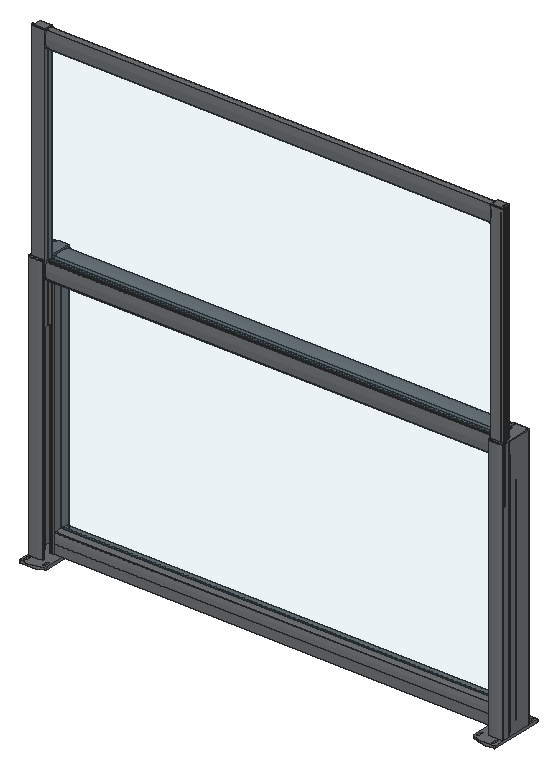
Revit family "Verano_V745_Luderitz_GM_R21", category Generic Models, Revit 2021 (continued)
Definition of nested family "V-Top Profile-Fix"
  Dimensions and locks
    aligned and locked: plane 4 to Extrusion 1
  Automatic sketch dimensions
    Extrusion 1 sketch curve to Extrusion 1 sketch curve = 0 mm  (x18)
    level to Extrusion 1 sketch curve = 25.973 mm  (x2)
    plane 1 "Center (Front/Back)" to Extrusion 1 sketch curve = 76 mm
    Extrusion 1 sketch curve to level = 2.736 mm  (x2)
    plane 1 "Center (Front/Back)" to Extrusion 1 sketch curve = 34.326 mm  (x2)
    plane 1 "Center (Front/Back)" to Extrusion 1 sketch curve = 8.6 mm
    Extrusion 1 sketch curve to Extrusion 1 sketch curve = 3 mm  (x2)
    Extrusion 1 sketch curve to plane 1 "Center (Front/Back)" = 0 mm  (x2)
    Extrusion 1 sketch curve to plane 1 "Center (Front/Back)" = 5.6 mm
    Extrusion 1 sketch curve to plane 1 "Center (Front/Back)" = 34.326 mm
    Extrusion 1 sketch curve to Extrusion 1 sketch curve = 25.726 mm
    Extrusion 1 sketch curve to Extrusion 1 sketch curve = 41.674 mm
    Extrusion 1 sketch curve to level = 7.1 mm  (x2)
    Extrusion 1 sketch curve to Extrusion 1 sketch curve = 0.188 mm
    Extrusion 1 sketch curve to Extrusion 1 sketch curve = 1.602 mm  (x2)
    Extrusion 1 sketch curve to Extrusion 1 sketch curve = 45.136 mm
    Extrusion 1 sketch curve to Extrusion 1 sketch curve = 28.709 mm  (x2)
    Extrusion 1 sketch curve to Extrusion 1 sketch curve = 0.667 mm
Definition of nested family "V-bottom Profile-Fix"
  Parameters (values of type "V-bottom Profile-Fix")
    Length = 1878 mm
    Frame Material = none
    Default Elevation = 0 mm
  Reference planes
    plane 1 "Center (Front/Back)": y = 0
    plane 2: z = 0
    plane 3 "Center (Left/Right)": x = 0
    plane 4: x = 939
    plane 5: x = -939
  Forms (mm)
    Extrusion 1, solid, material <- "Frame Material"
      sketch origin (0, 0, 0) x (0, 1, 0) y (0, 0, 1)
        loop
          arc (-31.692, 88.143) -> (-32.101, 87.91) -> (-32.358, 87.516) r 1
          arc (-32.358, 87.516) -> (-37.28, 68.534) -> (-39, 49) r 118.347
          line (-39, 49) -> (-39, 10) -> (39, 10) -> (39, 49)
          arc (39, 49) -> (37.327, 68.542) -> (32.358, 87.516) r 115
          arc (32.358, 87.516) -> (32.101, 87.91) -> (31.692, 88.143) r 1
          arc (31.692, 88.143) -> (18.77, 91.053) -> (5.6, 92.459) r 114.969
          line (5.6, 92.459) -> (5.6, 90.873) -> (8.6, 90.672) -> (8.6, 83.569) -> (-8.6, 83.569) -> (-8.6, 90.669)
          arc (-8.6, 90.669) -> (-7.101, 90.773) -> (-5.6, 90.857) r 113.4
          line (-5.6, 90.857) -> (-5.6, 92.459)
          arc (-5.6, 92.459) -> (-18.77, 91.053) -> (-31.692, 88.143) r 115
      from -939 to 939
  Dimensions and locks
    equal spacing: plane 4, plane 3 "Center (Left/Right)", plane 5
    "Length": plane 4 to plane 5
    aligned and locked: level to plane 2
    aligned and locked: Extrusion 1 to plane 5
    aligned and locked: plane 4 to Extrusion 1
    aligned and locked: plane 5 to Extrusion 1
    aligned and locked: Extrusion 1 to plane 4
  Automatic sketch dimensions
    Extrusion 1 sketch curve to Extrusion 1 sketch curve = 0 mm  (x4)
    Extrusion 1 sketch curve to plane 1 "Center (Front/Back)" = 0 mm
    plane 1 "Center (Front/Back)" to Extrusion 1 sketch curve = 5.6 mm
    Extrusion 1 sketch curve to Extrusion 1 sketch curve = 3 mm  (x2)
    Extrusion 1 sketch curve to Extrusion 1 sketch curve = 22.816 mm  (x2)
    Extrusion 1 sketch curve to Extrusion 1 sketch curve = 7.584 mm
    Extrusion 1 sketch curve to Extrusion 1 sketch curve = 37 mm
    Extrusion 1 sketch curve to plane 1 "Center (Front/Back)" = 0.007 mm
    Extrusion 1 sketch curve to plane 1 "Center (Front/Back)" = 5.6 mm
    level to Extrusion 1 sketch curve = 10 mm
    Extrusion 1 sketch curve to plane 1 "Center (Front/Back)" = 39 mm
    Extrusion 1 sketch curve to Extrusion 1 sketch curve = 40.345 mm
    Extrusion 1 sketch curve to level = 22.375 mm
    Extrusion 1 sketch curve to Extrusion 1 sketch curve = 0.03 mm
    level to Extrusion 1 sketch curve = 48.423 mm
    Extrusion 1 sketch curve to Extrusion 1 sketch curve = 39 mm  (x2)
    Extrusion 1 sketch curve to Extrusion 1 sketch curve = 34.569 mm
    Extrusion 1 sketch curve to Extrusion 1 sketch curve = 3.612 mm  (x2)
    Extrusion 1 sketch curve to Extrusion 1 sketch curve = 7.1 mm
    Extrusion 1 sketch curve to Extrusion 1 sketch curve = 7.103 mm
    Extrusion 1 sketch curve to Extrusion 1 sketch curve = 0.201 mm
    Extrusion 1 sketch curve to Extrusion 1 sketch curve = 1.586 mm
    Extrusion 1 sketch curve to Extrusion 1 sketch curve = 1.602 mm
Definition of nested family "V-Luderitz_Sliding Frame"
  Parameters (values of type "V-Luderitz_Sliding Frame")
    Width = 2000 mm
    Vertical Profile Height = Frame Height - 2 mm  # 1360 mm
    Horizontal Profile Length = Width - 2 * 61 mm  # 1878 mm
    Glass Width = Width - 2 * 57 mm  # 1886 mm
    Glass Thickness = 5 mm  # constant formula
    Glass Material = none
    Glass Height = Frame Height - 65 mm  # 1297 mm
    Frame Material = none
    Frame Height = 1362 mm
    Default Elevation = 0 mm
  Reference planes
    plane 1 "Center (Front/Back)": y = 0
    plane 2: z = 0
    plane 3 "Center (Left/Right)": x = 0
    plane 4: x = -1000
    plane 5: x = 1000
    plane 6: x = -943
    plane 7: x = 943
    plane 8: y = 2.5
    plane 9: y = -2.5
    plane 10: z = 1362
    plane 11: z = 240
    plane 12: z = 1297
  Forms (mm)
    Extrusion 1, solid, material <- "Glass Material"
      sketch origin (0, 0, 0) x (1, 0, 0) y (0, 1, 0)
        loop
          line (943, 2.5) -> (-943, 2.5) -> (-943, -2.5) -> (943, -2.5) -> (943, 2.5)
      from 244 to 1297 <- "Glass Height"
  Dimensions and locks
    equal spacing: plane 4, plane 3 "Center (Left/Right)", plane 5
    "Width": plane 4 to plane 5
    equal spacing: plane 6, plane 3 "Center (Left/Right)", plane 7
    "Glass Width": plane 6 to plane 7
    equal spacing: plane 9, plane 1 "Center (Front/Back)", plane 8
    "Glass Thickness": plane 9 to plane 8
    "Frame Height": plane 10 to plane 2
    plane 11 to plane 2 = 240 mm
    plane 10 to plane 12 = 65 mm
    aligned and locked: level to plane 2
    aligned and locked: plane 1 "Center (Front/Back)" to nested 1
    aligned and locked: plane 4 to nested 1
    aligned and locked: plane 5 to nested 2
    aligned and locked: nested 2 to plane 1 "Center (Front/Back)"
    aligned and locked: plane 3 "Center (Left/Right)" to nested 3
    aligned and locked: nested 3 to plane 12
    aligned and locked: nested 4 to plane 11
    aligned and locked: plane 1 "Center (Front/Back)" to nested 4
    aligned and locked: plane 3 "Center (Left/Right)" to nested 4
  Automatic sketch dimensions
    Extrusion 1 sketch curve to plane 9 = 0 mm
    Extrusion 1 sketch curve to plane 6 = 0 mm
    Extrusion 1 sketch curve to plane 7 = 0 mm
    Extrusion 1 sketch curve to plane 8 = 0 mm
  Nested families
    nested 1: "Sliding Profile_Vertical" at (-1000, 0, 0), type "Sliding Profile_Vertical"
    nested 2: "Sliding Profile_Vertical" at (1000, 0, 0) x (-1, 0, 0) z (0, 0, 1), type "Sliding Profile_Vertical"
    nested 3: "V-Top Profile-Sliding" at (0, 0, 1297), type "V-Top Profile-Sliding"
    nested 4: "V-Bottom Profile-Sliding" at (0, 0, 240), type "V-Bottom Profile-Sliding"
  Definition of nested family "Sliding Profile_Vertical"
    Parameters (values of type "Sliding Profile_Vertical")
      Profile Length = 1360 mm
      Frame Material = none
      Default Elevation = 0 mm
      Cap Height = Profile Length + 2 mm  # 1362 mm
    Reference planes
      plane 1 "Center (Front/Back)": y = 0
      plane 2: z = 0
      plane 3 "Center (Left/Right)": x = 0
    Forms (mm)
      Extrusion 1, solid, material <- "Frame Material"
        sketch origin (0, 0, 0) x (1, 0, 0) y (0, 1, 0)
          loop
            line (6.288, 10.8) -> (22.888, 10.8)
            arc (22.888, 10.8) -> (23.242, 10.654) -> (23.388, 10.3) r 0.5
            line (23.388, 10.3) -> (23.388, -10.3)
            arc (23.388, -10.3) -> (23.242, -10.654) -> (22.888, -10.8) r 0.5
            line (22.888, -10.8) -> (14.888, -10.8)
            arc (14.888, -10.8) -> (14.181, -11.093) -> (13.888, -11.8) r 1
            line (13.888, -11.8) -> (13.888, -17.501)
            arc (13.888, -17.501) -> (14.181, -18.207) -> (14.888, -18.5) r 1
            line (14.888, -18.5) -> (59.988, -18.5)
            arc (59.988, -18.5) -> (60.695, -18.207) -> (60.988, -17.5) r 1
            line (60.988, -17.5) -> (60.988, -5.6) -> (59.388, -5.6) -> (59.388, -8.7) -> (51.988, -8.7) -> (51.988, 8.7) -> (59.388, 8.7) -> (59.388, 5.6) -> (60.988, 5.6) -> (60.988, 17.5)
            arc (60.988, 17.5) -> (60.695, 18.207) -> (59.988, 18.5) r 1
            line (59.988, 18.5) -> (6.288, 18.5)
            arc (6.288, 18.5) -> (5.581, 18.207) -> (5.288, 17.5) r 1
            line (5.288, 17.5) -> (5.288, 11.798)
            arc (5.288, 11.798) -> (5.582, 11.092) -> (6.288, 10.8) r 1
        from 0 to 1360 <- "Profile Length"
      Extrusion 2, solid, material <- "Frame Material"
        sketch origin (0, 0, 0) x (1, 0, 0) y (0, 1, 0)
          loop
            line (59.845, 18.7) -> (6.145, 18.7)
            arc (6.145, 18.7) -> (5.296, 18.349) -> (4.945, 17.5) r 1.2
            line (4.945, 17.5) -> (4.945, 11.799)
            arc (4.945, 11.799) -> (5.296, 10.951) -> (6.145, 10.6) r 1.2
            line (6.145, 10.6) -> (11.545, 10.6)
            arc (11.545, 10.6) -> (12.959, 10.014) -> (13.545, 8.6) r 2
            line (13.545, 8.6) -> (13.545, -17.5)
            arc (13.545, -17.5) -> (13.896, -18.349) -> (14.745, -18.7) r 1.2
            line (14.745, -18.7) -> (59.845, -18.7)
            arc (59.845, -18.7) -> (60.693, -18.349) -> (61.045, -17.5) r 1.2
            line (61.045, -17.5) -> (61.045, 17.5)
            arc (61.045, 17.5) -> (60.693, 18.349) -> (59.845, 18.7) r 1.2
        from 1360 <- "Profile Length" to 1362 <- "Cap Height"
    Dimensions and locks
      aligned and locked: level to plane 2
  Definition of nested family "V-Top Profile-Sliding"
    Parameters (values of type "V-Top Profile-Sliding")
      Length = 1878 mm
      Frame Material = none
      Default Elevation = 0 mm
    Reference planes
      plane 1 "Center (Front/Back)": y = 0
      plane 2: z = 0
      plane 3 "Center (Left/Right)": x = 0
      plane 4: x = -939
      plane 5: x = 939
    Forms (mm)
      Extrusion 1, solid, material <- "Frame Material"
        sketch origin (0, 0, 0) x (0, 1, 0) y (0, 0, 1)
          loop
            arc (-14.06, -8.174) -> (-13.719, -8.769) -> (-13.075, -9.003) r 1
            line (-13.075, -9.003) -> (-5.6, -9.003) -> (-5.6, -7.4) -> (-8.6, -7.4) -> (-8.6, 0) -> (8.6, 0) -> (8.6, -7.4) -> (5.6, -7.4) -> (5.6, -9.003) -> (13.075, -9.003)
            arc (13.075, -9.003) -> (13.719, -8.769) -> (14.06, -8.174) r 1
            arc (14.06, -8.174) -> (17, 25.587) -> (14.197, 59.36) r 200
            arc (14.197, 59.36) -> (13.901, 59.916) -> (13.332, 60.186) r 1
            arc (13.332, 60.186) -> (0, 60.996) -> (-13.332, 60.186) r 110.004
            arc (-13.332, 60.186) -> (-13.901, 59.916) -> (-14.197, 59.36) r 1
            arc (-14.197, 59.36) -> (-17, 25.587) -> (-14.06, -8.174) r 200
        from -939 to 939
    Dimensions and locks
      equal spacing: plane 4, plane 3 "Center (Left/Right)", plane 5
      "Length": plane 4 to plane 5
      aligned and locked: level to plane 2
      aligned and locked: Extrusion 1 to plane 4
      aligned and locked: plane 5 to Extrusion 1
    Automatic sketch dimensions
      Extrusion 1 sketch curve to level = 0 mm
      Extrusion 1 sketch curve to plane 1 "Center (Front/Back)" = 0 mm
      plane 1 "Center (Front/Back)" to Extrusion 1 sketch curve = 5.6 mm
      Extrusion 1 sketch curve to Extrusion 1 sketch curve = 3 mm  (x2)
      Extrusion 1 sketch curve to Extrusion 1 sketch curve = 4.475 mm  (x2)
      plane 1 "Center (Front/Back)" to Extrusion 1 sketch curve = 13.211 mm
      level to Extrusion 1 sketch curve = 25.992 mm  (x2)
      Extrusion 1 sketch curve to Extrusion 1 sketch curve = 169.789 mm  (x2)
      Extrusion 1 sketch curve to plane 1 "Center (Front/Back)" = 5.6 mm
      Extrusion 1 sketch curve to plane 1 "Center (Front/Back)" = 13.211 mm
      Extrusion 1 sketch curve to level = 7.4 mm  (x2)
      Extrusion 1 sketch curve to Extrusion 1 sketch curve = 0.603 mm  (x2)
      Extrusion 1 sketch curve to Extrusion 1 sketch curve = 1.603 mm  (x2)
      Extrusion 1 sketch curve to Extrusion 1 sketch curve = 40.005 mm
      level to Extrusion 1 sketch curve = 59.193 mm
      Extrusion 1 sketch curve to Extrusion 1 sketch curve = 0 mm  (x5)
      Extrusion 1 sketch curve to Extrusion 1 sketch curve = 0.121 mm
  Definition of nested family "V-Bottom Profile-Sliding"
    Parameters (values of type "V-Bottom Profile-Sliding")
      Length = 1878 mm
      Frame Material = none
      Default Elevation = 0 mm
    Reference planes
      plane 1 "Center (Front/Back)": y = 0
      plane 2: z = 0
      plane 3 "Center (Left/Right)": x = 0
      plane 4: x = -939
      plane 5: x = 939
    Forms (mm)
      Extrusion 1, solid, material <- "Frame Material"
        sketch origin (0, 0, 0) x (0, 1, 0) y (0, 0, 1)
          loop
            arc (-14.06, 8.174) -> (-17, -25.587) -> (-14.197, -59.36) r 200
            arc (-14.197, -59.36) -> (-13.901, -59.916) -> (-13.332, -60.186) r 1
            arc (-13.332, -60.186) -> (0, -60.996) -> (13.332, -60.186) r 110.004
            arc (13.332, -60.186) -> (13.901, -59.916) -> (14.197, -59.36) r 1
            arc (14.197, -59.36) -> (17, -25.587) -> (14.06, 8.174) r 200
            arc (14.06, 8.174) -> (13.719, 8.769) -> (13.075, 9.003) r 1
            line (13.075, 9.003) -> (5.6, 9.003) -> (5.6, 7.4) -> (8.6, 7.4) -> (8.6, 0) -> (-8.6, 0) -> (-8.6, 7.4) -> (-5.6, 7.4) -> (-5.6, 9.003) -> (-13.075, 9.003)
            arc (-13.075, 9.003) -> (-13.719, 8.769) -> (-14.06, 8.174) r 1
        from -939 to 939
    Dimensions and locks
      equal spacing: plane 4, plane 3 "Center (Left/Right)", plane 5
      "Length": plane 4 to plane 5
      aligned and locked: level to plane 2
      aligned and locked: Extrusion 1 to plane 4
      aligned and locked: plane 5 to Extrusion 1
    Automatic sketch dimensions
      Extrusion 1 sketch curve to level = 0 mm
      Extrusion 1 sketch curve to plane 1 "Center (Front/Back)" = 0 mm
      plane 1 "Center (Front/Back)" to Extrusion 1 sketch curve = 5.6 mm
      Extrusion 1 sketch curve to Extrusion 1 sketch curve = 3 mm  (x2)
      Extrusion 1 sketch curve to Extrusion 1 sketch curve = 4.475 mm  (x2)
      plane 1 "Center (Front/Back)" to Extrusion 1 sketch curve = 13.211 mm
      Extrusion 1 sketch curve to level = 25.992 mm  (x2)
      Extrusion 1 sketch curve to Extrusion 1 sketch curve = 169.789 mm  (x2)
      Extrusion 1 sketch curve to plane 1 "Center (Front/Back)" = 5.6 mm
      Extrusion 1 sketch curve to plane 1 "Center (Front/Back)" = 13.211 mm
      Extrusion 1 sketch curve to level = 59.193 mm
      Extrusion 1 sketch curve to Extrusion 1 sketch curve = 0 mm  (x5)
      level to Extrusion 1 sketch curve = 7.4 mm  (x2)
      Extrusion 1 sketch curve to Extrusion 1 sketch curve = 0.603 mm  (x2)
      Extrusion 1 sketch curve to Extrusion 1 sketch curve = 1.603 mm  (x2)
      Extrusion 1 sketch curve to Extrusion 1 sketch curve = 40.005 mm
      Extrusion 1 sketch curve to Extrusion 1 sketch curve = 0.121 mm
Types (2, lengths in mm): name | URL | Glass_Slide_Out | Glass_Slide_In | Description
  Glass Slide In | 0 | no | yes | 0
  Glass Slide Out | "https://verano.nl/en/catalog/windscreens-fences" | yes | no | "Movable part elektrical operated"
